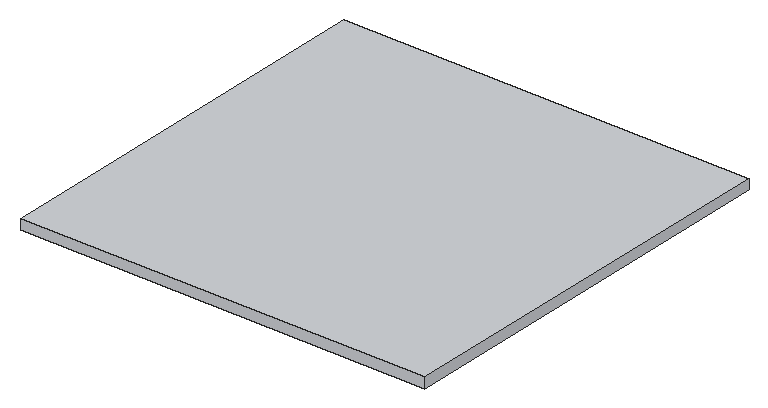
Revit family "26750", category Aparatos sanitarios, Revit 2017
Family settings
  Anfitrión = Cara
  Cota de conector redondo = Diámetro de uso
  Tipo de pieza = Normal
  Número OmniClass = 23.45.55.14
  Título OmniClass = Single Faucets
  Corte con vacíos al cargar = No
  Compartido = No
  Punto de cálculo de habitación = No
Parameters (values of type "26750")
  URL = "http://www.griferiasgalindo.com"
  Teléfono = "(+34) 915 782 575"
  TIPO DE AGUA = "Fria"
  REFERENCIA = "26750"
  Presión Máxima = "8 bar"
  PESO BRUTO = "1,100 Kg"
  Modelo = "PRESTO XT 2000 - UE Cromo"
  Material = LATON CROMADO
  Imagen de tipo = <Ninguno>
  Fabricante = "PRESTO IBÉRICA"
  Default Elevation = 1219.2 mm
  ENTRADA = "Con latiguillos flexibles de 1/2\""
  Descripción = "Grifo temporalizado de un agua para instalación mural y apertura por pulsador."
  Código de montaje = "C1030220"
  Contacto = "info@prestoiberica.com"
  Conexión AF = yes
  Conexión AC = yes
  Comentarios de tipo = "Cuerpo y pulsador en latón. Piezas inferiores en matieriales resistentes a la corrosión e incrustaciones calcáreas. Cabeza intercambiable.Suministrado con llave de paso y caja para empotrar, latiguillos flexibles en acero inoxidable de  1/2\". Caudal regulabre en función de la presión."
  CIERRE = "Automático en 6 seg."
  CAUDAL = "15 l/min"
  Accionamiento = "Mediante pulsador"
Reference planes
  plane 1 "Centro (Frontal/Posterior)": y = 0
  plane 2: z = 0
  plane 3 "Centro (Izquierda/Derecha)": x = 0
Forms (mm)
  Extrusion 1, solid
    sketch origin (0, 0, 0) x (1, 0, 0) y (0, 1, 0)
      loop
        line (-100, 100) -> (-100, -100) -> (100, -100) -> (100, 100) -> (-100, 100)
    from 0 to -5
Dimensions and locks
  Extrusion 1 sketch curve to plane 1 "Centro (Frontal/Posterior)" = 100 mm
  aligned and locked: plane 2 to Extrusion 1
  aligned and locked: level to Extrusion 1
Connectors
  piping at (0, 69.2, -42.5), diameter 12.7
    settings: on import instance, index 1, connector inside diameter 609.6 mm, connector length 0 mm, flow factor 0, pipe flow 0.0 L/s, pressure drop 0.0 Pa, fitting loss kfactor 0, connector angle 0.00°, fixture units 0, engagement length 0 mm, angle of deflection 0.00°, flow configuration 0, flow direction 1, fitting loss method 0, system type 20, joint type 0, gender type 0, connector reference index -1, connector utility 0, adjustable connector no, is connector primary yes, connector description ""
